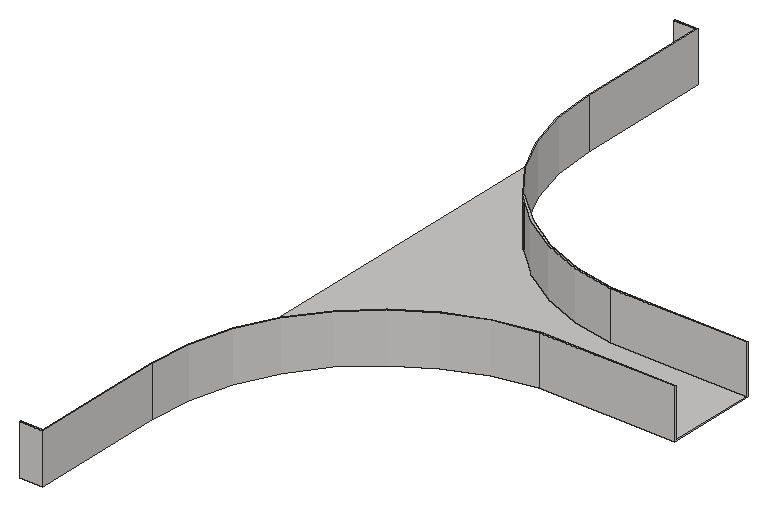
Revit family "S4R_OBO BETTERMANN_CableTray_SaddlePiece_WRAA FT", category Cable Tray Fittings, Revit 2012
Parameters
  Wholesaler art.no. = ""
  Wholesaler = ""
  Watermarked By = "www.stabiplan.com"
  WIDTH2 [instance] = 1600 mm + WIDTH1  # 1800 mm
  WIDTH1 [instance] = 200 mm
  VERSION = "91900"  # constant formula
  URL = "www.stabiplan.com"
  built-in parameter 1140111 [instance] = 2.6 mm
  TYPE [instance] = "WRAA FT"  # constant formula
  StabiCAD_PM = ""
  Safe_Length2 [instance] = 300 mm  # constant formula
  Safe_Length [instance] = 800 mm  # constant formula
  Safe4 [instance] = Safe3 - [built-in parameter 1140111]  # 47.4 mm
  Safe3 [instance] = if(WIDTH2 > 610 mm, 50 mm, 50 mm)  # 50 mm
  Safe2 [instance] = if(WIDTH2 > 610 mm, 300 mm, 300 mm)  # 300 mm
  Safe [instance] = if(WIDTH2 > 610 mm, 300 mm, 300 mm)  # 300 mm
  Safe5 [instance] = 300 mm  # constant formula
  RadiusSafe [instance] = Radius + [built-in parameter 1140111]  # 502.6 mm
  Radius [instance] = 500 mm  # constant formula
  PRODUCTLINE [instance] = "OBO BETTERMANN CableTrays"  # constant formula
  Model = ""
  Manufacturer = "OBO BETTERMANN"  # constant formula
  LENGTH1 [instance] = if(and(WIDTH1 = 200 mm, HEIGHT1 = 110 mm, ANGLE2 = 90.00°), 800 mm, if(and(WIDTH1 = 300 mm, HEIGHT1 = 110 mm, ANGLE2 = 90.00°), 800 mm, if(and(WIDTH1 = 400 mm, HEIGHT1 = 110 mm, ANGLE2 = 90.00°), 800 mm, if(and(WIDTH1 = 500 mm, HEIGHT1 = 110 mm, ANGLE2 = 90.00°), 800 mm, if(and(WIDTH1 = 600 mm, HEIGHT1 = 110 mm, ANGLE2 = 90.00°), 800 mm, if(and(WIDTH1 = 200 mm, HEIGHT1 = 160 mm, ANGLE2 = 90.00°), 800 mm, if(and(WIDTH1 = 300 mm, HEIGHT1 = 160 mm, ANGLE2 = 90.00°), 800 mm, if(and(WIDTH1 = 400 mm, HEIGHT1 = 160 mm, ANGLE2 = 90.00°), 800 mm, if(and(WIDTH1 = 500 mm, HEIGHT1 = 160 mm, ANGLE2 = 90.00°), 800 mm, if(and(WIDTH1 = 600 mm, HEIGHT1 = 160 mm, ANGLE2 = 90.00°), 800 mm, Safe_Length))))))))))  # 800 mm
  Internal art.no. = ""
  ISCUSTOM [instance] = if(and(WIDTH1 = 200 mm, HEIGHT1 = 110 mm, ANGLE2 = 90.00°), 1 = 0, if(and(WIDTH1 = 300 mm, HEIGHT1 = 110 mm, ANGLE2 = 90.00°), 1 = 0, if(and(WIDTH1 = 400 mm, HEIGHT1 = 110 mm, ANGLE2 = 90.00°), 1 = 0, if(and(WIDTH1 = 500 mm, HEIGHT1 = 110 mm, ANGLE2 = 90.00°), 1 = 0, if(and(WIDTH1 = 600 mm, HEIGHT1 = 110 mm, ANGLE2 = 90.00°), 1 = 0, if(and(WIDTH1 = 200 mm, HEIGHT1 = 160 mm, ANGLE2 = 90.00°), 1 = 0, if(and(WIDTH1 = 300 mm, HEIGHT1 = 160 mm, ANGLE2 = 90.00°), 1 = 0, if(and(WIDTH1 = 400 mm, HEIGHT1 = 160 mm, ANGLE2 = 90.00°), 1 = 0, if(and(WIDTH1 = 500 mm, HEIGHT1 = 160 mm, ANGLE2 = 90.00°), 1 = 0, if(and(WIDTH1 = 600 mm, HEIGHT1 = 160 mm, ANGLE2 = 90.00°), 1 = 0, 1 = 1))))))))))  # no
  IFCExportType = ""
  IFCExportAs = ""
  HEIGHT1 [instance] = 110 mm
  GTINNUMBER [instance] = if(and(WIDTH1 = 200 mm, HEIGHT1 = 110 mm, ANGLE2 = 90.00°), "4012196001033", if(and(WIDTH1 = 300 mm, HEIGHT1 = 110 mm, ANGLE2 = 90.00°), "4012196001095", if(and(WIDTH1 = 400 mm, HEIGHT1 = 110 mm, ANGLE2 = 90.00°), "4012196001156", if(and(WIDTH1 = 500 mm, HEIGHT1 = 110 mm, ANGLE2 = 90.00°), "4012196001217", if(and(WIDTH1 = 600 mm, HEIGHT1 = 110 mm, ANGLE2 = 90.00°), "4012196001279", if(and(WIDTH1 = 200 mm, HEIGHT1 = 160 mm, ANGLE2 = 90.00°), "4012196335770", if(and(WIDTH1 = 300 mm, HEIGHT1 = 160 mm, ANGLE2 = 90.00°), "4012196335831", if(and(WIDTH1 = 400 mm, HEIGHT1 = 160 mm, ANGLE2 = 90.00°), "4012196335893", if(and(WIDTH1 = 500 mm, HEIGHT1 = 160 mm, ANGLE2 = 90.00°), "4012196656776", if(and(WIDTH1 = 600 mm, HEIGHT1 = 160 mm, ANGLE2 = 90.00°), "4012196657018", "Unknown"))))))))))  # "4012196001033"
  ETIM article class = ""
  Description = "Horizontal CableTray Saddle Piece"
  DEEPLINK = "http://catalog1.obo-bettermann.com/catalogue/catalogue.do?forward=showProductGroup&act=showIO&favOid=kts_22130&action=showManyProducts&lang=de&OID=kts_22130&catId="
  Copyright = "© Stabiplan BV / Stabiplan International BV"  # constant formula
  CT2 [instance] = 1
  CT1 [instance] = 1
  BodyColor = Steel
  ARTICLENUMBER [instance] = if(and(WIDTH1 = 200 mm, HEIGHT1 = 110 mm, ANGLE2 = 90.00°), "6098445", if(and(WIDTH1 = 300 mm, HEIGHT1 = 110 mm, ANGLE2 = 90.00°), "6098449", if(and(WIDTH1 = 400 mm, HEIGHT1 = 110 mm, ANGLE2 = 90.00°), "6098453", if(and(WIDTH1 = 500 mm, HEIGHT1 = 110 mm, ANGLE2 = 90.00°), "6098457", if(and(WIDTH1 = 600 mm, HEIGHT1 = 110 mm, ANGLE2 = 90.00°), "6098461", if(and(WIDTH1 = 200 mm, HEIGHT1 = 160 mm, ANGLE2 = 90.00°), "6098827", if(and(WIDTH1 = 300 mm, HEIGHT1 = 160 mm, ANGLE2 = 90.00°), "6098831", if(and(WIDTH1 = 400 mm, HEIGHT1 = 160 mm, ANGLE2 = 90.00°), "6098835", if(and(WIDTH1 = 500 mm, HEIGHT1 = 160 mm, ANGLE2 = 90.00°), "6098839", if(and(WIDTH1 = 600 mm, HEIGHT1 = 160 mm, ANGLE2 = 90.00°), "6098843", "Unknown"))))))))))  # "6098445"
  ARTICLEDESCRIPTION [instance] = "Horizontal CableTray Saddle Piece"
  ANGLE2 = 90.00°  # constant formula
Reference planes
  plane 1 "Center (Front/Back)": y = 0
  plane 2: z = 0
  plane 3 "Center (Left/Right)": x = 0
  plane 4: y = 100
  plane 5: y = -100
  plane 6: y = 900
  plane 7: y = -900
  plane 8: z = 55
  plane 9: z = -55
  plane 10: x = 800
  plane 11: x = 40
  plane 12: z = 27.5
  plane 13: z = -52.4
  plane 14: y = 600
  plane 15: y = -600
  plane 16: x = 50
  plane 17: x = 500
  plane 18: y = 600
  plane 19: y = -600
  plane 20: x = 50
  plane 21: x = 500
  plane 22: y = -897.4
  plane 23: y = 897.4
  plane 24: x = 47.4
  plane 25: x = 500
Forms (mm)
  Extrusion 1, solid, material "Steel" <- "BodyColor", detail levels medium
    sketch origin (0, 0, 0) x (1, 0, 0) y (0, 1, 0)
      loop
        line (0, 900) -> (0, -900) -> (50, -900) -> (50, -600)
        arc (50, -600) -> (178.347, -263.012) -> (500, -100) r 500
        line (500, -100) -> (800, -100) -> (800, 100) -> (500, 100)
        arc (500, 100) -> (178.347, 263.012) -> (50, 600) r 500
        line (50, 600) -> (50, 900) -> (0, 900)
    from -55 to 55
  Extrusion 2, solid, material "Steel" <- "BodyColor", detail levels fine
    sketch origin (0, 0, 0) x (1, 0, 0) y (0, 1, 0)
      loop
        line (0, 900) -> (0, -900) -> (50, -900) -> (50, -600)
        arc (50, -600) -> (178.347, -263.012) -> (500, -100) r 500
        line (500, -100) -> (800, -100) -> (800, 100) -> (500, 100)
        arc (500, 100) -> (178.347, 263.012) -> (50, 600) r 500
        line (50, 600) -> (50, 900) -> (0, 900)
    from -55 to 55
  Extrusion 3, void
    sketch origin (0, 0, 0) x (1, 0, 0) y (0, 1, 0)
      loop
        line (0, 897.4) -> (0, -897.4) -> (47.4, -897.4) -> (47.4, -597.4)
        arc (47.4, -597.4) -> (177.385, -260.216) -> (500, -97.4) r 502.6
        line (500, -97.4) -> (800, -97.4) -> (800, 97.4) -> (500, 97.4)
        arc (500, 97.4) -> (177.385, 260.216) -> (47.4, 597.4) r 502.6
        line (47.4, 597.4) -> (47.4, 897.4) -> (0, 897.4)
    from -52.4 to 55
Cuts and joins
  Extrusion 3 cuts Extrusion 2
Lines and regions (mm)
  model lines, style "Coarse", detail levels coarse
    curve 1: line (0, 0, 0) -> (800, 0, 0)
Dimensions and locks
  equal spacing: plane 4, plane 1 "Center (Front/Back)", plane 5
  "WIDTH1": plane 4 to plane 5
  equal spacing: plane 6, plane 1 "Center (Front/Back)", plane 7
  equal spacing: plane 8, level, plane 9
  "HEIGHT1": plane 8 to plane 9
  "LENGTH1": plane 3 "Center (Left/Right)" to plane 10
  "WIDTH2": plane 6 to plane 7
  "LENGTH1": curve 1 to curve 1
  plane 3 "Center (Left/Right)" to Extrusion 1 = 800 mm
  locked: plane 3 "Center (Left/Right)" to plane 11 at 40
  "built-in parameter 1140111": plane 13 to plane 9
  "Safe_Length2": plane 6 to plane 14
  "Safe_Length2": plane 15 to plane 7
  "Safe3": plane 3 "Center (Left/Right)" to plane 16
  "Safe5": plane 17 to plane 10
  "Safe_Length2": plane 6 to plane 18
  "Safe_Length2": plane 19 to plane 7
  "Safe3": plane 3 "Center (Left/Right)" to plane 20
  "Safe5": plane 21 to plane 10
  "built-in parameter 1140111": plane 22 to plane 7
  "built-in parameter 1140111": plane 6 to plane 23
  "built-in parameter 1140111": plane 4 to Extrusion 3 sketch curve
  "built-in parameter 1140111": Extrusion 3 sketch curve to plane 5
  "Safe4": plane 3 "Center (Left/Right)" to plane 24
  Extrusion 3 to plane 3 "Center (Left/Right)" = 800 mm
  "Safe5": plane 25 to plane 10
  "Safe_Length2": plane 23 to Extrusion 3 sketch curve
  "Safe_Length2": Extrusion 3 sketch curve to plane 22
  "Radius": radius of Extrusion 1 sketch curve  (x2)
  "Radius": radius of Extrusion 2 sketch curve  (x2)
  "RadiusSafe": radius of Extrusion 3 sketch curve  (x2)
  aligned and locked: level to plane 2
  aligned and locked: plane 1 "Center (Front/Back)" to curve 1
  aligned and locked: Extrusion 1 to plane 9
  aligned and locked: Extrusion 1 to plane 8
  aligned and locked: plane 4 to Extrusion 1 sketch curve
  aligned and locked: plane 10 to Extrusion 1 sketch curve  (x2)
  aligned and locked: plane 3 "Center (Left/Right)" to Extrusion 1 sketch curve  (x2)
  aligned and locked: plane 17 to Extrusion 1 sketch curve  (x2)
  aligned and locked: plane 5 to Extrusion 1 sketch curve
  aligned and locked: Extrusion 1 sketch curve to plane 7
  aligned and locked: plane 15 to Extrusion 1 sketch curve
  aligned and locked: plane 16 to Extrusion 1 sketch curve  (x3)
  aligned and locked: Extrusion 1 sketch curve to plane 16
  aligned and locked: Extrusion 1 sketch curve to plane 6
  aligned and locked: plane 6 to Extrusion 1 sketch curve
  aligned and locked: plane 14 to Extrusion 1 sketch curve
  aligned and locked: plane 10 to Extrusion 2 sketch curve  (x2)
  aligned and locked: plane 3 "Center (Left/Right)" to Extrusion 2 sketch curve
  aligned and locked: plane 21 to Extrusion 2 sketch curve  (x2)
  aligned and locked: Extrusion 2 sketch curve to plane 7
  aligned and locked: plane 19 to Extrusion 2 sketch curve
  aligned and locked: plane 20 to Extrusion 2 sketch curve  (x3)
  aligned and locked: Extrusion 2 sketch curve to plane 20
  aligned and locked: Extrusion 2 sketch curve to plane 6
  aligned and locked: plane 6 to Extrusion 2 sketch curve
  aligned and locked: plane 18 to Extrusion 2 sketch curve
  aligned and locked: Extrusion 2 sketch curve to plane 3 "Center (Left/Right)"
  aligned and locked: plane 5 to Extrusion 2 sketch curve
  aligned and locked: plane 4 to Extrusion 2 sketch curve
  aligned and locked: Extrusion 2 to plane 9
  aligned and locked: plane 8 to Extrusion 2
  aligned and locked: Extrusion 3 sketch curve to plane 22
  aligned and locked: plane 23 to Extrusion 3 sketch curve
  aligned and locked: Extrusion 3 sketch curve to plane 3 "Center (Left/Right)"
  aligned and locked: plane 10 to Extrusion 3 sketch curve
  aligned and locked: Extrusion 3 to plane 13
  aligned and locked: Extrusion 3 to plane 8
  aligned and locked: plane 25 to Extrusion 3 sketch curve  (x2)
  aligned and locked: Extrusion 3 sketch curve to plane 24  (x2)
  aligned and locked: plane 22 to Extrusion 3 sketch curve
Automatic sketch dimensions
  curve 1 to plane 3 "Center (Left/Right)" = 0 mm
Connectors
  cabletrayconduit at (800, 0, 0), driven by "HEIGHT1", driven by "WIDTH1"
    settings: on Extrusion 1, index 1, connector width 200 mm, connector height 110 mm, connector radius 300 mm, connector angle 0.00°, system type 32, placement type 0, profile type 1, connector reference index -1, is primary connector yes, connector utility param no, connector description ""
